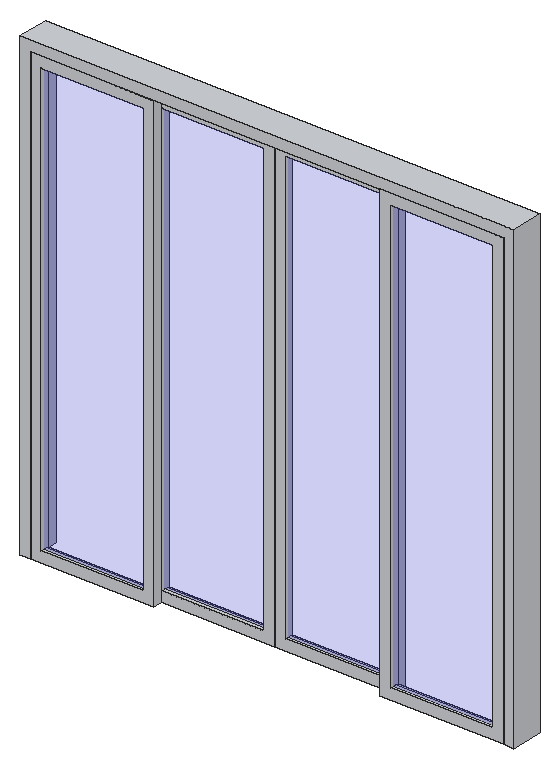
Revit family "Porta envidraçada de correr quádrupla sem revestimento", category Portas, Revit 2019
Family settings
  Hospedeiro = Parede
  Número OmniClass = 23.30.10.00
  Título OmniClass = Doors
  Sempre na vertical = Sim
  Corte com vazios quando carregada = Não
  Compartilhado = Não
  Ponto de cálculo do ambiente = Não
Parameters (values of type "2320 x 2180mm")
  Visual Light Transmittance = 0.9
  Espessura = 0 mm
  Solar Heat Gain Coefficient = 0.78
  Rough Width = Width  # 2320 mm
  Rough Height = Height  # 2180 mm
  Largura da moldura do painel = 50 mm
  Espessura da moldura do painel = 40 mm
  ID do tipo de construção = ""
  Coeficiente de transferência de calor (U) = 3.6886 W/(m²·K)
  Largura do puxador = 40 mm
  Material do puxador = none
  Altura do puxador = 200 mm
  Vidro = none
  Função = Exterior
  Largura da estrutura = 50 mm
  Height = 2180 mm
  Fechamento da parede = Por hospedeiro
  Width = 2320 mm
  Material da moldura = none
  Construção analítica = Vidraça única Pilkington 1/8 pol
Types (5, lengths in mm): name | Rough Width | Width
  (no name) | 2320 | 2320
  2320 x 2180mm | 2320 | 2320
  2720 x 2180mm | 2720 | 2720
  3120 x 2180mm | 3120 | 3120
  3520 x 2180mm | 3520 | 3520
Reference planes
  plane 1: y = 0
  plane 2 "Centro (Esquerda/Direita)": x = 0
  plane 3 "Esquerda": x = -1160
  plane 4 "Direita": x = 1160
  plane 5: z = 2180
  plane 6 "Exterior": y = 75
  plane 7 "Interior": y = -75
  plane 8: x = -1110
  plane 9: x = -1060
  plane 10: x = 1060
  plane 11: x = 1110
  plane 12: y = -35
  plane 13: z = 0
  plane 14: z = 2080
  plane 15: z = 50
  plane 16: z = 2130
  plane 17: z = 1065
  plane 18: x = 555
  plane 19: x = -555
  plane 20: y = -75
  plane 21: y = -30
  plane 22: y = 10
  plane 23: y = -55
  plane 24: y = -10
  plane 25: y = -3
  plane 26: y = -17
  plane 27: y = -48
  plane 28: y = -62
  plane 29: x = -580
  plane 30: x = -530
  plane 31: x = 580
  plane 32: x = 530
  plane 33: x = -50
  plane 34: x = 50
  plane 35: x = 290
  plane 36: x = -290
  plane 37: x = -25
  plane 38: x = 25
  plane 39: z = 1000
  plane 40: z = 800
  plane 41: x = 45
  plane 42: x = 5
  plane 43: x = -5
  plane 44: x = -45
  plane 45: z = 962
  plane 46: z = 838
  plane 47: x = 42
  plane 48: x = 8
  plane 49: x = -8
  plane 50: x = -42
  plane 51: z = 1065
  plane 52: x = 427.5
  plane 53: through (427.5, 300, 1065) normal (0.5, 0, 0.866)
  plane 54: through (427.5, 300, 1065) normal (-0.5, 0, 0.866)
  plane 55: x = 152.5
  plane 56: x = -427.5
  plane 57: through (-427.5, 300, 1065) normal (0.5, 0, -0.866)
  plane 58: through (-427.5, 300, 1065) normal (-0.5, 0, -0.866)
  plane 59: x = -152.5
Forms (mm)
  Sweep 1, solid, material <- "Material da moldura"
    path origin (0, 75, 0) x (1, 0, 0) y (0, 0, 1)
      loop
        line (1160, 0) -> (1160, 2180) -> (-1160, 2180) -> (-1160, 0)
    profile origin (1160, 75, 1090) x (-1, 0, 0) y (0, -1, 0)
      loop
        line (0, 0) -> (50, 0) -> (50, 150) -> (0, 150) -> (0, 0)
  Extrusion 2, solid, material <- "Vidro"
    sketch origin (0, 0, 0) x (-1, 0, 0) y (0, -1, 0)
      loop
        line (1060, 48) -> (1060, 62) -> (580, 62) -> (580, 48) -> (1060, 48)
      loop
        line (530, 3) -> (530, 17) -> (50, 17) -> (50, 3) -> (530, 3)
    from 50 to 2080
  Sweep 3, solid, material <- "Material da moldura"
    path origin (0, 75, 50) x (-1, 0, 0) y (0, 0, 1)
      loop
        line (1110, -50) -> (1110, 2080) -> (530, 2080) -> (530, -50) -> (1110, -50)
    profile origin (-1110, 75, 1065) x (-1, 0, 0) y (0, -1, 0)
      loop
        line (-50, 150) -> (-50, 110) -> (0, 110) -> (0, 150) -> (-50, 150)
  Sweep 4, solid, material <- "Material da moldura"
    path origin (0, 75, 0) x (1, 0, 0) y (0, 0, 1)
      loop
        line (0, 0) -> (580, 0) -> (580, 2130) -> (0, 2130) -> (0, 0)
    profile origin (0, 75, 1065) x (-1, 0, 0) y (0, -1, 0)
      loop
        line (-50, 65) -> (0, 65) -> (0, 105) -> (-50, 105) -> (-50, 65)
  Extrusion 5, solid, material <- "Vidro", detail levels fine
    sketch origin (0, 0, 0) x (1, 0, 0) y (0, 1, 0)
      loop
        line (1060, -48) -> (580, -48) -> (580, -62) -> (1060, -62) -> (1060, -48)
      loop
        line (530, -3) -> (50, -3) -> (50, -17) -> (530, -17) -> (530, -3)
    from 50 to 2080
  Sweep 6, solid, material <- "Material da moldura"
    path origin (0, 75, 50) x (1, 0, 0) y (0, 0, 1)
      loop
        line (1110, -50) -> (1110, 2080) -> (530, 2080) -> (530, -50) -> (1110, -50)
    profile origin (1110, 75, 1065) x (-1, 0, 0) y (0, -1, 0)
      loop
        line (50, 110) -> (50, 150) -> (0, 150) -> (0, 110) -> (50, 110)
  Extrusion 7, solid, material <- "Vidro", detail levels fine
    sketch origin (0, 190, 0) x (-1, 0, 0) y (0, -1, 0)
      loop
        line (1060, 238) -> (1060, 252) -> (580, 252) -> (580, 238) -> (1060, 238)
      loop
        line (530, 193) -> (530, 207) -> (50, 207) -> (50, 193) -> (530, 193)
    from 50 to 2080
  Extrusion 8, solid, material <- "Vidro"
    sketch origin (0, 190, 0) x (1, 0, 0) y (0, 1, 0)
      loop
        line (50, -193) -> (50, -207) -> (530, -207) -> (530, -193) -> (50, -193)
      loop
        line (580, -238) -> (580, -252) -> (1060, -252) -> (1060, -238) -> (580, -238)
    from 50 to 2080
  Sweep 9, solid, material <- "Material da moldura"
    path origin (0, 195, 0) x (-1, 0, 0) y (0, 0, 1)
      loop
        line (0, 0) -> (580, 0) -> (580, 2130) -> (0, 2130) -> (0, 0)
    profile origin (0, 195, 1065) x (-1, 0, 0) y (0, -1, 0)
      loop
        line (50, 185) -> (50, 225) -> (0, 225) -> (0, 185) -> (50, 185)
Lines and regions (mm)
  Opening 1
    outline origin (-3050, -75, 0) x (1, 0, 0) y (0, 0, 1)
      loop
        line (1890, 0) -> (4210, 0) -> (4210, 2180) -> (1890, 2180) -> (1890, 0)
  symbolic lines, style "Giro da elevação"
    curve 1: line (-580, 75, 2130) -> (0, 75, 0)
    curve 2: line (0, 75, 0) -> (580, 75, 2130)
    curve 3: line (580, 75, 0) -> (0, 75, 2130)
    curve 4: line (0, 75, 2130) -> (-580, 75, 0)
  model lines, style "DoorsGlassProjection", detail levels medium
    curve 5: line (1060, -55, 2080) -> (580, -55, 2080)
    curve 6: line (1060, -55, 50) -> (1060, -55, 2080)
    curve 7: line (580, -55, 50) -> (1060, -55, 50)
    curve 8: line (580, -55, 2080) -> (580, -55, 50)
    curve 9: line (-580, -55, 2080) -> (-1060, -55, 2080)
    curve 10: line (-580, -55, 50) -> (-580, -55, 2080)
    curve 11: line (-1060, -55, 50) -> (-580, -55, 50)
    curve 12: line (-1060, -55, 2080) -> (-1060, -55, 50)
    curve 13: line (530, -10, 2080) -> (50, -10, 2080)
    curve 14: line (530, -10, 50) -> (530, -10, 2080)
    curve 15: line (50, -10, 50) -> (530, -10, 50)
    curve 16: line (50, -10, 2080) -> (50, -10, 50)
    curve 17: line (-50, -10, 2080) -> (-530, -10, 2080)
    curve 18: line (-50, -10, 50) -> (-50, -10, 2080)
    curve 19: line (-530, -10, 50) -> (-50, -10, 50)
    curve 20: line (-530, -10, 2080) -> (-530, -10, 50)
  symbolic lines, style "Seta"
    curve 21: line (152.5, -10, 1065) -> (427.5, -10, 1065)
    curve 22: line (427.5, -10, 1065) -> (349.558, -10, 1110)
    curve 23: line (427.5, -10, 1065) -> (349.558, -10, 1020)
    curve 24: line (-152.5, -10, 1065) -> (-427.5, -10, 1065)
    curve 25: line (-427.5, -10, 1065) -> (-349.558, -10, 1110)
    curve 26: line (-427.5, -10, 1065) -> (-349.558, -10, 1020)
Text (mm)
  text "Externo" at (-2295.016, 1099.543, 0), in view "Nível de referência"
  text "Externo" at (0, 1615.38, 3698.081), in view "Esquerda"
  text "Externo" at (0, 1036.032, 3874.932), in view "Direita"
Dimensions and locks
  equal spacing: plane 3 "Esquerda", plane 2 "Centro (Esquerda/Direita)", plane 4 "Direita"
  "Width": plane 3 "Esquerda" to plane 4 "Direita"
  "Height": host wall to plane 5
  host wall to plane 5 = 2180 mm
  locked: plane 6 "Exterior" to host wall at 0
  locked: plane 7 "Interior" to host wall
  "Largura da estrutura": plane 3 "Esquerda" to plane 8
  "Largura da estrutura": plane 11 to plane 4 "Direita"
  "Largura da moldura do painel": plane 8 to plane 9
  "Largura da moldura do painel": plane 10 to plane 11
  "Largura da estrutura": plane 16 to plane 5
  "Largura da moldura do painel": plane 14 to plane 16
  "Largura da estrutura": plane 13 to plane 15
  "Espessura da moldura do painel": plane 12 to plane 20
  "Espessura da moldura do painel": plane 22 to plane 21
  equal spacing: plane 12, plane 23, plane 20
  equal spacing: plane 22, plane 24, plane 21
  plane 25 to plane 24 to plane 26 = 7 mm locked, 7 mm locked
  plane 28 to plane 23 to plane 27 = 7 mm locked, 7 mm locked
  equal spacing: plane 32, plane 18, plane 31
  equal spacing: plane 29, plane 19, plane 30
  "Largura da moldura do painel": plane 29 to plane 30
  "Largura da moldura do painel": plane 32 to plane 31
  "Largura da moldura do painel": plane 33 to plane 2 "Centro (Esquerda/Direita)"
  "Largura da moldura do painel": plane 2 "Centro (Esquerda/Direita)" to plane 34
  equal spacing: plane 2 "Centro (Esquerda/Direita)", plane 18, plane 11
  equal spacing: plane 8, plane 19, plane 2 "Centro (Esquerda/Direita)"
  equal spacing: plane 15, plane 17, plane 14
  equal spacing: plane 31, plane 35, plane 2 "Centro (Esquerda/Direita)"
  equal spacing: plane 2 "Centro (Esquerda/Direita)", plane 36, plane 29
  equal spacing: plane 33, plane 37, plane 2 "Centro (Esquerda/Direita)"
  equal spacing: plane 2 "Centro (Esquerda/Direita)", plane 38, plane 34
  plane 40 to plane 39 = 200 mm
  "Altura do puxador": plane 40 to plane 39
  equal spacing: plane 42, plane 38, plane 41
  "Largura do puxador": plane 42 to plane 41
  equal spacing: plane 44, plane 37, plane 43
  "Largura do puxador": plane 44 to plane 43
  locked: plane 40 to plane 46 at 38
  locked: plane 45 to plane 39 at 38
  locked: plane 47 to plane 41 at 3
  locked: plane 42 to plane 48 at 3
  locked: plane 49 to plane 43 at 3
  locked: plane 44 to plane 50 at 3
  equal spacing: plane 14, plane 51, plane 15
  locked: plane 52 to plane 55 at 275
  equal spacing: plane 52, plane 35, plane 55
  locked: curve 22 to curve 23 at 90
  locked: curve 23 to curve 23 at 90
  locked: plane 56 to plane 59 at 275
  equal spacing: plane 56, plane 36, plane 59
  locked: curve 25 to curve 26 at 90
  locked: curve 26 to curve 26 at 90
  locked: plane 21 to plane 12 at 5
  locked: plane 51 to plane 53 (angle 30.00°)
  locked: plane 54 to plane 51 (angle 30.00°)
  locked: plane 57 to plane 17 (angle 30.00°)
  locked: plane 17 to plane 58 (angle 30.00°)
  aligned and locked: plane 3 "Esquerda" to Opening 1 sketch curve
  aligned and locked: plane 5 to Opening 1 sketch curve  (x2)
  aligned and locked: Opening 1 sketch curve to plane 4 "Direita"
  aligned and locked: Opening 1 sketch curve to level
  aligned and locked: plane 1 to host wall
  aligned and locked: level to plane 13
  aligned and locked: Sweep 1 sketch curve to plane 3 "Esquerda"
  aligned and locked: plane 5 to Sweep 1 sketch curve
  aligned and locked: plane 4 "Direita" to Sweep 1 sketch curve
  aligned and locked: Sweep 1 sketch curve to profile plane
  aligned and locked: Sweep 1 sketch curve to host wall
  aligned and locked: host wall to Sweep 1 sketch curve
  aligned and locked: Sweep 1 sketch curve to plane 11
  aligned and locked: Sweep 3 sketch curve to plane 8
  aligned and locked: plane 9 to Extrusion 2 sketch curve
  aligned and locked: Sweep 3 sketch curve to plane 13
  aligned and locked: plane 16 to Sweep 3 sketch curve
  aligned and locked: plane 20 to Sweep 3 sketch curve
  aligned and locked: Sweep 3 sketch curve to plane 9
  aligned and locked: Sweep 3 sketch curve to plane 12
  aligned and locked: profile plane to Sweep 3 sketch curve
  aligned and locked: Extrusion 2 sketch curve to plane 25
  aligned and locked: plane 26 to Extrusion 2 sketch curve
  aligned and locked: Extrusion 2 sketch curve to plane 27
  aligned and locked: plane 28 to Extrusion 2 sketch curve
  aligned and locked: Extrusion 2 sketch curve to plane 29
  aligned and locked: plane 30 to Sweep 3 sketch curve
  aligned and locked: plane 30 to Extrusion 2 sketch curve
  aligned and locked: Extrusion 2 sketch curve to plane 33
  aligned and locked: plane 25 to Extrusion 5 sketch curve
  aligned and locked: Extrusion 5 sketch curve to plane 34
  aligned and locked: Extrusion 5 sketch curve to plane 26
  aligned and locked: plane 32 to Extrusion 5 sketch curve
  aligned and locked: Extrusion 5 sketch curve to plane 31
  aligned and locked: plane 10 to Extrusion 5 sketch curve
  aligned and locked: plane 27 to Extrusion 5 sketch curve
  aligned and locked: plane 28 to Extrusion 5 sketch curve
  aligned and locked: plane 14 to Extrusion 5
  aligned and locked: Extrusion 5 to plane 14  (x4)
  aligned and locked: Extrusion 5 to plane 15
  aligned and locked: plane 16 to curve 1
  aligned and locked: plane 29 to curve 1
  aligned and locked: plane 16 to curve 4
  aligned and locked: plane 16 to curve 2
  aligned and locked: plane 2 "Centro (Esquerda/Direita)" to curve 4
  aligned and locked: plane 31 to curve 2
  aligned and locked: plane 13 to curve 4
  aligned and locked: plane 29 to curve 4
  aligned and locked: plane 2 "Centro (Esquerda/Direita)" to curve 2
  aligned and locked: plane 13 to curve 2
  aligned and locked: plane 31 to curve 3
  aligned and locked: plane 13 to curve 3
  aligned and locked: Sweep 4 sketch curve to plane 2 "Centro (Esquerda/Direita)"
  aligned and locked: plane 34 to Sweep 4 sketch curve
  aligned and locked: plane 22 to Sweep 4 sketch curve
  aligned and locked: Sweep 4 sketch curve to plane 21
  aligned and locked: Sweep 6 sketch curve to plane 20
  aligned and locked: plane 12 to Sweep 6 sketch curve
  aligned and locked: plane 10 to Sweep 6 sketch curve
  aligned and locked: Sweep 6 sketch curve to plane 11
  aligned and locked: curve 6 to plane 10
  aligned and locked: plane 31 to curve 8
  aligned and locked: curve 10 to plane 29
  aligned and locked: plane 9 to curve 12
  aligned and locked: curve 9 to plane 14
  aligned and locked: curve 5 to plane 14
  aligned and locked: plane 15 to curve 11
  aligned and locked: plane 15 to curve 7
  aligned and locked: plane 30 to curve 20
  aligned and locked: curve 18 to plane 33
  aligned and locked: plane 34 to curve 16
  aligned and locked: curve 14 to plane 32
  aligned and locked: curve 13 to plane 14
  aligned and locked: curve 17 to plane 14
  aligned and locked: plane 15 to curve 15
  aligned and locked: plane 15 to curve 19
  aligned and locked: Extrusion 7 sketch curve to Extrusion 2  (x8)
  aligned and locked: Extrusion 8 sketch curve to Extrusion 5  (x8)
  aligned and locked: plane 14 to Extrusion 7
  aligned and locked: plane 14 to Extrusion 8
  aligned and locked: Extrusion 7 to plane 15
  aligned and locked: Extrusion 8 to plane 15
  aligned and locked: plane 14 to Extrusion 2
  aligned and locked: Extrusion 2 to plane 15
  aligned and locked: plane 15 to Extrusion 5  (x2)
  aligned and locked: plane 37 to nested 1
  aligned and locked: plane 38 to nested 2
  aligned and locked: nested 1 to plane 22
  aligned and locked: nested 2 to plane 22
  aligned and locked: Sweep 9 sketch curve to plane 16
  aligned and locked: plane 29 to Sweep 9 sketch curve
  aligned and locked: Sweep 9 sketch curve to plane 2 "Centro (Esquerda/Direita)"  (x2)
  aligned and locked: plane 13 to Sweep 9 sketch curve
  aligned and locked: plane 21 to Sweep 9 sketch curve
  aligned and locked: plane 33 to Sweep 9 sketch curve
  aligned and locked: Sweep 9 sketch curve to plane 22
  aligned and locked: Sweep 6 to plane 14
  aligned and locked: Sweep 9 to plane 14
  aligned and locked: Sweep 3 to plane 14
  aligned and locked: curve 22 to plane 53
  aligned and locked: curve 23 to plane 54
  aligned and locked: curve 25 to plane 57
  aligned and locked: curve 26 to plane 58
  aligned and locked: plane 20 to plane 7 "Interior"
Automatic sketch dimensions
  Sweep 1 sketch curve to level = 0 mm  (x2)
  Sweep 4 sketch curve to plane 2 "Centro (Esquerda/Direita)" = 0 mm
  Sweep 4 sketch curve to level = 0 mm
  Sweep 4 sketch curve to plane 31 = 0 mm
  Sweep 4 sketch curve to plane 16 = 0 mm
  Sweep 6 sketch curve to level = 0 mm
  Sweep 6 sketch curve to plane 32 = 0 mm
  Sweep 6 sketch curve to plane 11 = 0 mm
  Sweep 6 sketch curve to plane 16 = 0 mm
  curve 21 to plane 55 = 0 mm
  curve 24 to plane 59 = 0 mm
Nested families
  nested 1: "Maçaneta da porta 3" at (-25, 10, 900), type "Maçaneta da porta 3", detail levels fine
  nested 2: "Maçaneta da porta 3" at (25, 10, 900), type "Maçaneta da porta 3", detail levels fine
Definition of nested family "Maçaneta da porta 3"
  Parameters
    Width = 40 mm
    Thickness = 3 mm
    Rough Width = Width  # 40 mm
    Rough Height = Height  # 200 mm
    Height = 200 mm
    Material do puxador = none
  Reference planes
    plane 1 "Centro (Frente/Trás)": y = 0
    plane 2: z = 0
    plane 3 "Centro (Esquerda/Direita)": x = 0
    plane 4: x = -20
    plane 5: x = 20
    plane 6: y = 3
    plane 7: z = 100
    plane 8: z = -100
    plane 9: y = -10
    plane 10: x = 15
    plane 11: x = -15
    plane 12: z = 60
    plane 13: z = -60
    plane 14: z = 85
    plane 15: z = -85
    plane 16: z = 62
    plane 17: x = 17
    plane 18: x = -17
    plane 19: z = -62
    plane 20: y = -8
    plane 21: y = -15
  Forms (mm)
    Extrusion 1, solid, material <- "Material do puxador"
      sketch origin (0, 0, 0) x (1, 0, 0) y (0, 0, 1)
        loop
          line (10, 100) -> (-10, 100)
          arc (-10, 100) -> (-17.071, 97.071) -> (-20, 90) r 10
          line (-20, 90) -> (-20, -90)
          arc (-20, -90) -> (-17.071, -97.071) -> (-10, -100) r 10
          line (-10, -100) -> (10, -100)
          arc (10, -100) -> (17.071, -97.071) -> (20, -90) r 10
          line (20, -90) -> (20, 90)
          arc (20, 90) -> (17.071, 97.071) -> (10, 100) r 10
        loop
          line (10, 60) -> (-10, 60)
          arc (-10, 60) -> (-13.536, 58.536) -> (-15, 55) r 5
          line (-15, 55) -> (-15, -55)
          arc (-15, -55) -> (-13.536, -58.536) -> (-10, -60) r 5
          line (-10, -60) -> (10, -60)
          arc (10, -60) -> (13.536, -58.536) -> (15, -55) r 5
          line (15, -55) -> (15, 55)
          arc (15, 55) -> (13.536, 58.536) -> (10, 60) r 5
        loop
          circle (0, 85) r 5
        loop
          circle (0, -85) r 5
      from -3 to 0
    Extrusion 2, solid, material <- "Material do puxador"
      sketch origin (0, 0, 0) x (1, 0, 0) y (0, 0, 1)
        loop
          arc (-10, 60) -> (-13.536, 58.536) -> (-15, 55) r 5
          line (-15, 55) -> (-15, -55)
          arc (-15, -55) -> (-13.536, -58.536) -> (-10, -60) r 5
          line (-10, -60) -> (10, -60)
          arc (10, -60) -> (13.536, -58.536) -> (15, -55) r 5
          line (15, -55) -> (15, 55)
          arc (15, 55) -> (13.536, 58.536) -> (10, 60) r 5
          line (10, 60) -> (-10, 60)
        loop
          arc (-10, 62) -> (-14.95, 59.95) -> (-17, 55) r 7
          line (-17, 55) -> (-17, -55)
          arc (-17, -55) -> (-14.95, -59.95) -> (-10, -62) r 7
          line (-10, -62) -> (10, -62)
          arc (10, -62) -> (14.95, -59.95) -> (17, -55) r 7
          line (17, -55) -> (17, 55)
          arc (17, 55) -> (14.95, 59.95) -> (10, 62) r 7
          line (10, 62) -> (-10, 62)
      from 0 to 10
    Extrusion 3, solid, material <- "Material do puxador"
      sketch origin (0, 0, 0) x (1, 0, 0) y (0, 0, 1)
        loop
          arc (-10, 60) -> (-13.536, 58.536) -> (-15, 55) r 5
          line (-15, 55) -> (-15, -55)
          arc (-15, -55) -> (-13.536, -58.536) -> (-10, -60) r 5
          line (-10, -60) -> (10, -60)
          arc (10, -60) -> (13.536, -58.536) -> (15, -55) r 5
          line (15, -55) -> (15, 55)
          arc (15, 55) -> (13.536, 58.536) -> (10, 60) r 5
          line (10, 60) -> (-10, 60)
      from 8 to 10
    Extrusion 4, void
      sketch origin (0, 0, 0) x (1, 0, 0) y (0, 0, 1)
        loop
          line (-17, 62) -> (-17, -62) -> (17, -62) -> (17, 62) -> (-17, 62)
      from 0 to 15
  Cuts and joins
    Extrusion 4 cuts Extrusion 1
    Extrusion 4 cuts Extrusion 2
    Extrusion 4 cuts Extrusion 3
    joined: Extrusion 1, Extrusion 2, Extrusion 3
  Dimensions and locks
    equal spacing: plane 4, plane 3 "Centro (Esquerda/Direita)", plane 5
    "Thickness": plane 6 to plane 1 "Centro (Frente/Trás)"
    "Width": plane 4 to plane 5
    equal spacing: plane 7, plane 2, plane 8
    "Height": plane 7 to plane 8
    locked: plane 10 to plane 5 at 5
    locked: plane 4 to plane 11 at 5
    locked: plane 8 to plane 13 at 40
    locked: plane 12 to plane 7 at 40
    locked: plane 14 to plane 7 at 15
    locked: plane 8 to plane 15 at 15
    locked: plane 9 to cut or joined group of Extrusion 1, Extrusion 2, Extrusion 3, Extrusion 4 at 10
    locked: plane 18 to plane 11 at 2
    locked: plane 19 to plane 13 at 2
    locked: plane 12 to plane 16 at 2
    locked: plane 10 to plane 17 at 2
    locked: plane 20 to plane 9 at 2
    locked: plane 9 to plane 21 at 5
    radius of Extrusion 1 sketch curve = 10 mm  (x4)
    radius of Extrusion 1 sketch curve = 5 mm  (x6)
    radius of Extrusion 2 sketch curve = 7 mm  (x4)
    aligned and locked: level to plane 2
    aligned and locked: plane 7 to Extrusion 1 sketch curve
    aligned and locked: plane 5 to Extrusion 1 sketch curve
    aligned and locked: Extrusion 1 sketch curve to plane 8
    aligned and locked: Extrusion 1 sketch curve to plane 4
    aligned and locked: plane 12 to Extrusion 1 sketch curve
    aligned and locked: Extrusion 1 sketch curve to plane 10
    aligned and locked: Extrusion 1 sketch curve to plane 13
    aligned and locked: plane 11 to Extrusion 1 sketch curve
    aligned and locked: plane 6 to Extrusion 1
    aligned and locked: plane 1 "Centro (Frente/Trás)" to Extrusion 1
    aligned and locked: plane 14 to Extrusion 1 sketch curve
    aligned and locked: plane 3 "Centro (Esquerda/Direita)" to Extrusion 1 sketch curve  (x2)
    aligned and locked: plane 15 to Extrusion 1 sketch curve
    aligned and locked: Extrusion 2 sketch curve to Extrusion 1  (x4)
    aligned and locked: Extrusion 2 to plane 1 "Centro (Frente/Trás)"
    aligned and locked: Extrusion 2 to plane 9
    aligned and locked: plane 16 to Extrusion 2 sketch curve
    aligned and locked: Extrusion 2 sketch curve to plane 17
    aligned and locked: plane 19 to Extrusion 2 sketch curve
    aligned and locked: Extrusion 2 sketch curve to plane 18
    aligned and locked: Extrusion 3 sketch curve to cut or joined group of Extrusion 1, Extrusion 2, Extrusion 3, Extrusion 4  (x4)
    aligned and locked: plane 20 to Extrusion 3
    aligned and locked: Extrusion 3 to plane 9
    aligned and locked: Extrusion 4 sketch curve to plane 16
    aligned and locked: plane 18 to Extrusion 4 sketch curve
    aligned and locked: Extrusion 4 sketch curve to plane 19
    aligned and locked: plane 17 to Extrusion 4 sketch curve
    aligned and locked: Extrusion 4 to plane 1 "Centro (Frente/Trás)"
    aligned and locked: Extrusion 4 to plane 21
  Automatic sketch dimensions
    Extrusion 1 sketch curve to plane 4 = 0 mm
    Extrusion 1 sketch curve to plane 5 = 0 mm
